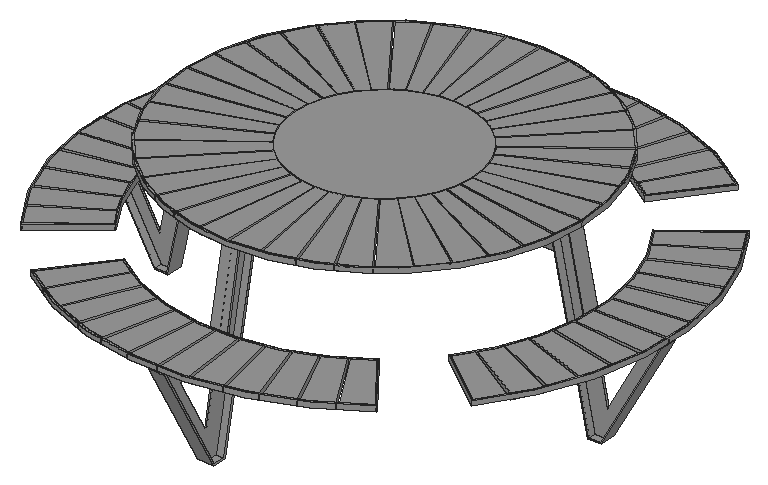
Revit family "Комплект мебели «Ландау» Арт 13994", category Антураж, Revit 2018 (continued)
Automatic sketch dimensions
  Extrusion 23 sketch curve to Extrusion 23 sketch curve = 202.844 mm
  Extrusion 23 sketch curve to Extrusion 23 sketch curve = 23.225 mm
  Extrusion 23 sketch curve to Extrusion 23 sketch curve = 18.773 mm
  Extrusion 25 sketch curve to Extrusion 25 sketch curve = 0 mm  (x7)
  Extrusion 25 sketch curve to Extrusion 25 sketch curve = 511.36 mm
  plane 3 "По центру (Влево/Вправо)" to Extrusion 25 sketch curve = 446.012 mm
  Extrusion 25 sketch curve to Extrusion 25 sketch curve = 666.417 mm
  Extrusion 25 sketch curve to plane 4 = 235.577 mm
  Extrusion 25 sketch curve to plane 6 = 446.012 mm
  Extrusion 25 sketch curve to Extrusion 25 sketch curve = 238.006 mm
  Extrusion 25 sketch curve to Extrusion 25 sketch curve = 7.017 mm
  Extrusion 25 sketch curve to Extrusion 25 sketch curve = 0.932 mm  (x4)
  Extrusion 25 sketch curve to Extrusion 25 sketch curve = 6.999 mm  (x2)
  level to Extrusion 24 sketch curve = 0 mm
  Extrusion 24 sketch curve to plane 4 = 0 mm
  Extrusion 24 sketch curve to plane 4 = 243.789 mm
  level to Extrusion 24 sketch curve = 5 mm
  Extrusion 24 sketch curve to Extrusion 24 sketch curve = 50.951 mm
  Extrusion 24 sketch curve to Extrusion 24 sketch curve = 4.049 mm
  Extrusion 24 sketch curve to plane 4 = 308.401 mm
  Extrusion 24 sketch curve to Extrusion 24 sketch curve = 5.112 mm  (x3)
  Extrusion 24 sketch curve to plane 5 = 20 mm  (x2)
  Extrusion 24 sketch curve to Extrusion 24 sketch curve = 58.655 mm
  Extrusion 24 sketch curve to Extrusion 24 sketch curve = 71.564 mm
  Extrusion 24 sketch curve to plane 4 = 5.748 mm
  Extrusion 24 sketch curve to Extrusion 24 sketch curve = 2.913 mm
  Extrusion 24 sketch curve to Extrusion 24 sketch curve = 0 mm
  Extrusion 24 sketch curve to Extrusion 24 sketch curve = 300 mm
  level to Extrusion 23 sketch curve = 115.472 mm
  Extrusion 23 sketch curve to Extrusion 23 sketch curve = 105.789 mm
  Extrusion 23 sketch curve to Extrusion 23 sketch curve = 85.214 mm
  Extrusion 23 sketch curve to plane 4 = 241.546 mm
  Extrusion 23 sketch curve to Extrusion 23 sketch curve = 5.156 mm
  Extrusion 26 sketch curve to Extrusion 26 sketch curve = 0 mm  (x46)
  plane 3 "По центру (Влево/Вправо)" to Extrusion 26 sketch curve = 453.029 mm
  Extrusion 26 sketch curve to plane 4 = 173.225 mm
  Extrusion 26 sketch curve to Extrusion 26 sketch curve = 92.352 mm
  Extrusion 26 sketch curve to plane 4 = 167.039 mm
  Extrusion 26 sketch curve to Extrusion 26 sketch curve = 10.177 mm
  Extrusion 26 sketch curve to Extrusion 26 sketch curve = 176.543 mm
  Extrusion 26 sketch curve to plane 4 = 114.194 mm
  Extrusion 26 sketch curve to Extrusion 26 sketch curve = 98.698 mm
  Extrusion 26 sketch curve to plane 4 = 109.153 mm
  Extrusion 26 sketch curve to Extrusion 26 sketch curve = 10.791 mm
  Extrusion 26 sketch curve to plane 4 = 419.574 mm
  Extrusion 26 sketch curve to Extrusion 26 sketch curve = 68.827 mm
  Extrusion 26 sketch curve to plane 4 = 414.98 mm
  Extrusion 26 sketch curve to Extrusion 26 sketch curve = 7.584 mm
  Extrusion 26 sketch curve to plane 4 = 67.377 mm
  Extrusion 26 sketch curve to Extrusion 26 sketch curve = 103.868 mm
  Extrusion 26 sketch curve to plane 4 = 375.748 mm
  Extrusion 26 sketch curve to plane 4 = 63.542 mm
  Extrusion 26 sketch curve to Extrusion 26 sketch curve = 11.276 mm
  Extrusion 26 sketch curve to plane 4 = 372.008 mm
  Extrusion 26 sketch curve to Extrusion 26 sketch curve = 8.039 mm
  Extrusion 26 sketch curve to plane 4 = 341.022 mm
  Extrusion 26 sketch curve to plane 4 = 338.18 mm
  Extrusion 26 sketch curve to Extrusion 26 sketch curve = 8.399 mm
  Extrusion 26 sketch curve to plane 4 = 33.331 mm
  Extrusion 26 sketch curve to plane 4 = 30.747 mm
  Extrusion 26 sketch curve to Extrusion 26 sketch curve = 11.626 mm
  Extrusion 26 sketch curve to plane 4 = 315.809 mm
  Extrusion 26 sketch curve to plane 4 = 313.899 mm
  Extrusion 26 sketch curve to Extrusion 26 sketch curve = 8.659 mm
  Extrusion 26 sketch curve to plane 4 = 12.461 mm
  Extrusion 26 sketch curve to plane 4 = 11.16 mm
  Extrusion 26 sketch curve to Extrusion 26 sketch curve = 11.839 mm  (x2)
  Extrusion 26 sketch curve to plane 4 = 300.41 mm
  Extrusion 26 sketch curve to plane 4 = 299.454 mm
  Extrusion 26 sketch curve to Extrusion 26 sketch curve = 8.815 mm
  Extrusion 26 sketch curve to plane 4 = 5.018 mm
  Extrusion 26 sketch curve to plane 4 = 295.007 mm
  Extrusion 26 sketch curve to plane 4 = 295.018 mm
  Extrusion 26 sketch curve to Extrusion 26 sketch curve = 8.867 mm
  Extrusion 26 sketch curve to plane 4 = 5.014 mm
  Extrusion 26 sketch curve to Extrusion 26 sketch curve = 11.91 mm
  Extrusion 26 sketch curve to plane 4 = 299.665 mm
  Extrusion 26 sketch curve to plane 4 = 300.642 mm
  Extrusion 26 sketch curve to Extrusion 26 sketch curve = 8.813 mm
  Extrusion 26 sketch curve to plane 4 = 11.087 mm
  Extrusion 26 sketch curve to plane 4 = 12.381 mm
  Extrusion 26 sketch curve to plane 4 = 314.329 mm
  Extrusion 26 sketch curve to plane 4 = 316.26 mm
  Extrusion 26 sketch curve to Extrusion 26 sketch curve = 8.654 mm
  Extrusion 26 sketch curve to plane 4 = 30.599 mm
  Extrusion 26 sketch curve to plane 4 = 33.175 mm
  Extrusion 26 sketch curve to Extrusion 26 sketch curve = 11.628 mm
  Extrusion 26 sketch curve to plane 4 = 338.824 mm
  Extrusion 26 sketch curve to plane 4 = 341.686 mm
  Extrusion 26 sketch curve to Extrusion 26 sketch curve = 8.392 mm
  Extrusion 26 sketch curve to plane 4 = 372.858 mm
  Extrusion 26 sketch curve to plane 4 = 63.32 mm
  Extrusion 26 sketch curve to plane 4 = 376.618 mm
  Extrusion 26 sketch curve to Extrusion 26 sketch curve = 8.03 mm
  Extrusion 26 sketch curve to plane 4 = 67.147 mm
  Extrusion 26 sketch curve to Extrusion 26 sketch curve = 11.278 mm
  Extrusion 26 sketch curve to plane 4 = 416.026 mm
  Extrusion 26 sketch curve to Extrusion 26 sketch curve = 7.573 mm
  Extrusion 26 sketch curve to plane 4 = 108.86 mm
  Extrusion 26 sketch curve to plane 4 = 113.894 mm
  Extrusion 26 sketch curve to Extrusion 26 sketch curve = 10.794 mm
  Extrusion 26 sketch curve to Extrusion 26 sketch curve = 67.095 mm
  Extrusion 26 sketch curve to plane 4 = 166.678 mm
  Extrusion 26 sketch curve to plane 4 = 172.858 mm
  Extrusion 26 sketch curve to Extrusion 26 sketch curve = 10.181 mm
  Extrusion 26 sketch curve to plane 4 = 236.509 mm
  Extrusion 26 sketch curve to Extrusion 26 sketch curve = 50.558 mm
  Extrusion 27 sketch curve to plane 5 = 54.881 mm
  Extrusion 27 sketch curve to plane 1 "По центру (Вперед/Назад)" = 1140 mm
  Extrusion 27 sketch curve to plane 5 = 117.156 mm
  Extrusion 27 sketch curve to plane 1 "По центру (Вперед/Назад)" = 428.193 mm
  Extrusion 27 sketch curve to plane 5 = 20 mm
  Extrusion 27 sketch curve to Extrusion 27 sketch curve = 50.913 mm
  Extrusion 27 sketch curve to Extrusion 27 sketch curve = 114.68 mm
  level to Extrusion 27 sketch curve = 5 mm
  Extrusion 27 sketch curve to plane 1 "По центру (Вперед/Назад)" = 294.74 mm
  Extrusion 27 sketch curve to Extrusion 27 sketch curve = 23.225 mm
  Extrusion 27 sketch curve to Extrusion 27 sketch curve = 48.038 mm
  level to Extrusion 27 sketch curve = 115.472 mm
  Extrusion 27 sketch curve to Extrusion 27 sketch curve = 5.156 mm
  Extrusion 27 sketch curve to plane 1 "По центру (Вперед/Назад)" = 111.537 mm
  Extrusion 27 sketch curve to plane 1 "По центру (Вперед/Назад)" = 5.748 mm
  Extrusion 27 sketch curve to Extrusion 27 sketch curve = 229.313 mm
  Extrusion 27 sketch curve to Extrusion 27 sketch curve = 85.214 mm
  Extrusion 28 sketch curve to level = 0 mm
  Extrusion 28 sketch curve to plane 1 "По центру (Вперед/Назад)" = 0 mm
  Extrusion 28 sketch curve to plane 1 "По центру (Вперед/Назад)" = 5.748 mm
  Extrusion 28 sketch curve to plane 1 "По центру (Вперед/Назад)" = 243.789 mm
  Extrusion 28 sketch curve to Extrusion 28 sketch curve = 2.913 mm
  level to Extrusion 28 sketch curve = 5 mm
  Extrusion 28 sketch curve to Extrusion 28 sketch curve = 48.038 mm
  Extrusion 28 sketch curve to Extrusion 28 sketch curve = 4.049 mm
  Extrusion 28 sketch curve to Extrusion 28 sketch curve = 302.654 mm
  Extrusion 28 sketch curve to Extrusion 28 sketch curve = 5.112 mm  (x3)
  Extrusion 28 sketch curve to plane 5 = 20 mm  (x2)
  Extrusion 28 sketch curve to Extrusion 28 sketch curve = 58.655 mm
  Extrusion 28 sketch curve to Extrusion 28 sketch curve = 71.564 mm
  Extrusion 28 sketch curve to plane 5 = 320 mm
  Extrusion 28 sketch curve to Extrusion 28 sketch curve = 300 mm
  Extrusion 29 sketch curve to Extrusion 29 sketch curve = 0 mm  (x12)
  Extrusion 29 sketch curve to plane 1 "По центру (Вперед/Назад)" = 235.577 mm  (x2)
  Extrusion 29 sketch curve to plane 6 = 446.012 mm
  Extrusion 29 sketch curve to Extrusion 29 sketch curve = 7.017 mm
  Extrusion 29 sketch curve to Extrusion 29 sketch curve = 175.611 mm
  Extrusion 29 sketch curve to Extrusion 29 sketch curve = 0.932 mm  (x3)
  Extrusion 29 sketch curve to Extrusion 29 sketch curve = 511.36 mm
  Extrusion 29 sketch curve to plane 1 "По центру (Вперед/Назад)" = 466.584 mm
  plane 3 "По центру (Влево/Вправо)" to Extrusion 29 sketch curve = 629.572 mm
  Extrusion 29 sketch curve to Extrusion 29 sketch curve = 176.543 mm
  Extrusion 29 sketch curve to Extrusion 29 sketch curve = 6.999 mm
  Extrusion 29 sketch curve to Extrusion 29 sketch curve = 666.417 mm
  Extrusion 30 sketch curve to Extrusion 30 sketch curve = 0 mm  (x552)
  Extrusion 30 sketch curve to plane 6 = 453.029 mm
  Extrusion 30 sketch curve to plane 1 "По центру (Вперед/Назад)" = 173.225 mm
  Extrusion 30 sketch curve to Extrusion 30 sketch curve = 92.352 mm
  Extrusion 30 sketch curve to plane 1 "По центру (Вперед/Назад)" = 167.039 mm
  Extrusion 30 sketch curve to Extrusion 30 sketch curve = 10.177 mm
  Extrusion 30 sketch curve to Extrusion 30 sketch curve = 176.543 mm
  Extrusion 30 sketch curve to plane 1 "По центру (Вперед/Назад)" = 114.194 mm
  Extrusion 30 sketch curve to Extrusion 30 sketch curve = 98.698 mm
  Extrusion 30 sketch curve to plane 1 "По центру (Вперед/Назад)" = 109.153 mm
  Extrusion 30 sketch curve to Extrusion 30 sketch curve = 10.791 mm
  Extrusion 30 sketch curve to plane 1 "По центру (Вперед/Назад)" = 419.574 mm
  Extrusion 30 sketch curve to Extrusion 30 sketch curve = 68.827 mm
  Extrusion 30 sketch curve to plane 1 "По центру (Вперед/Назад)" = 414.98 mm
  Extrusion 30 sketch curve to Extrusion 30 sketch curve = 7.584 mm
  Extrusion 30 sketch curve to plane 1 "По центру (Вперед/Назад)" = 67.377 mm
  Extrusion 30 sketch curve to Extrusion 30 sketch curve = 103.868 mm
  Extrusion 30 sketch curve to plane 1 "По центру (Вперед/Назад)" = 375.748 mm
  Extrusion 30 sketch curve to plane 1 "По центру (Вперед/Назад)" = 63.542 mm
  Extrusion 30 sketch curve to Extrusion 30 sketch curve = 11.276 mm
  Extrusion 30 sketch curve to plane 1 "По центру (Вперед/Назад)" = 372.008 mm
  Extrusion 30 sketch curve to Extrusion 30 sketch curve = 8.039 mm
  Extrusion 30 sketch curve to plane 1 "По центру (Вперед/Назад)" = 341.022 mm
  Extrusion 30 sketch curve to plane 1 "По центру (Вперед/Назад)" = 338.18 mm
  Extrusion 30 sketch curve to Extrusion 30 sketch curve = 8.399 mm
  Extrusion 30 sketch curve to plane 1 "По центру (Вперед/Назад)" = 33.331 mm
  Extrusion 30 sketch curve to plane 1 "По центру (Вперед/Назад)" = 30.747 mm
  Extrusion 30 sketch curve to Extrusion 30 sketch curve = 11.626 mm
  Extrusion 30 sketch curve to plane 1 "По центру (Вперед/Назад)" = 315.809 mm
  Extrusion 30 sketch curve to plane 1 "По центру (Вперед/Назад)" = 313.899 mm
  Extrusion 30 sketch curve to Extrusion 30 sketch curve = 8.659 mm
  Extrusion 30 sketch curve to plane 1 "По центру (Вперед/Назад)" = 12.461 mm
  Extrusion 30 sketch curve to plane 1 "По центру (Вперед/Назад)" = 11.16 mm
  Extrusion 30 sketch curve to Extrusion 30 sketch curve = 11.839 mm  (x2)
  Extrusion 30 sketch curve to plane 1 "По центру (Вперед/Назад)" = 300.41 mm
  Extrusion 30 sketch curve to plane 1 "По центру (Вперед/Назад)" = 299.454 mm
  Extrusion 30 sketch curve to Extrusion 30 sketch curve = 8.815 mm
  Extrusion 30 sketch curve to plane 1 "По центру (Вперед/Назад)" = 5.018 mm
  Extrusion 30 sketch curve to plane 1 "По центру (Вперед/Назад)" = 295.007 mm
  Extrusion 30 sketch curve to plane 1 "По центру (Вперед/Назад)" = 295.018 mm
  Extrusion 30 sketch curve to Extrusion 30 sketch curve = 8.867 mm
  Extrusion 30 sketch curve to plane 1 "По центру (Вперед/Назад)" = 5.014 mm
  Extrusion 30 sketch curve to Extrusion 30 sketch curve = 11.91 mm
  Extrusion 30 sketch curve to plane 1 "По центру (Вперед/Назад)" = 299.665 mm
  Extrusion 30 sketch curve to plane 1 "По центру (Вперед/Назад)" = 300.642 mm
  Extrusion 30 sketch curve to Extrusion 30 sketch curve = 8.813 mm
  Extrusion 30 sketch curve to plane 1 "По центру (Вперед/Назад)" = 11.087 mm
  Extrusion 30 sketch curve to plane 1 "По центру (Вперед/Назад)" = 12.381 mm
  Extrusion 30 sketch curve to plane 1 "По центру (Вперед/Назад)" = 314.329 mm
  Extrusion 30 sketch curve to plane 1 "По центру (Вперед/Назад)" = 316.26 mm
  Extrusion 30 sketch curve to Extrusion 30 sketch curve = 8.654 mm
  Extrusion 30 sketch curve to plane 1 "По центру (Вперед/Назад)" = 30.599 mm
  Extrusion 30 sketch curve to plane 1 "По центру (Вперед/Назад)" = 33.175 mm
  Extrusion 30 sketch curve to Extrusion 30 sketch curve = 11.628 mm
  Extrusion 30 sketch curve to plane 1 "По центру (Вперед/Назад)" = 338.824 mm
  Extrusion 30 sketch curve to plane 1 "По центру (Вперед/Назад)" = 341.686 mm
  Extrusion 30 sketch curve to Extrusion 30 sketch curve = 8.392 mm
  Extrusion 30 sketch curve to plane 1 "По центру (Вперед/Назад)" = 372.858 mm
  Extrusion 30 sketch curve to plane 1 "По центру (Вперед/Назад)" = 63.32 mm
  Extrusion 30 sketch curve to plane 1 "По центру (Вперед/Назад)" = 376.618 mm
  Extrusion 30 sketch curve to Extrusion 30 sketch curve = 8.03 mm
  Extrusion 30 sketch curve to plane 1 "По центру (Вперед/Назад)" = 67.147 mm
  Extrusion 30 sketch curve to Extrusion 30 sketch curve = 11.278 mm
  Extrusion 30 sketch curve to plane 1 "По центру (Вперед/Назад)" = 416.026 mm
  Extrusion 30 sketch curve to Extrusion 30 sketch curve = 7.573 mm
  Extrusion 30 sketch curve to plane 1 "По центру (Вперед/Назад)" = 108.86 mm
  Extrusion 30 sketch curve to plane 1 "По центру (Вперед/Назад)" = 113.894 mm
  Extrusion 30 sketch curve to Extrusion 30 sketch curve = 10.794 mm
  Extrusion 30 sketch curve to Extrusion 30 sketch curve = 67.095 mm
  Extrusion 30 sketch curve to plane 1 "По центру (Вперед/Назад)" = 166.678 mm
  Extrusion 30 sketch curve to plane 1 "По центру (Вперед/Назад)" = 172.858 mm
  Extrusion 30 sketch curve to Extrusion 30 sketch curve = 10.181 mm
  Extrusion 30 sketch curve to plane 1 "По центру (Вперед/Назад)" = 236.509 mm
  Extrusion 30 sketch curve to Extrusion 30 sketch curve = 50.558 mm
  Extrusion 31 sketch curve to plane 5 = 54.881 mm
  plane 3 "По центру (Влево/Вправо)" to Extrusion 31 sketch curve = 1140 mm
  Extrusion 31 sketch curve to plane 5 = 117.156 mm
  Extrusion 31 sketch curve to plane 6 = 428.193 mm
  Extrusion 31 sketch curve to plane 5 = 20 mm
  Extrusion 31 sketch curve to Extrusion 31 sketch curve = 50.913 mm
  Extrusion 31 sketch curve to Extrusion 31 sketch curve = 114.68 mm
  level to Extrusion 31 sketch curve = 5 mm
  Extrusion 31 sketch curve to plane 6 = 294.74 mm
  Extrusion 31 sketch curve to Extrusion 31 sketch curve = 23.225 mm
  Extrusion 31 sketch curve to Extrusion 31 sketch curve = 48.038 mm
  level to Extrusion 31 sketch curve = 115.472 mm
  Extrusion 31 sketch curve to Extrusion 31 sketch curve = 5.156 mm
  Extrusion 31 sketch curve to plane 6 = 111.537 mm
  Extrusion 31 sketch curve to plane 6 = 5.748 mm
  Extrusion 31 sketch curve to Extrusion 31 sketch curve = 229.313 mm
  Extrusion 31 sketch curve to Extrusion 31 sketch curve = 85.214 mm
  Extrusion 32 sketch curve to level = 0 mm
  Extrusion 32 sketch curve to plane 6 = 0 mm
  Extrusion 32 sketch curve to plane 6 = 5.748 mm
  Extrusion 32 sketch curve to plane 6 = 243.789 mm
  Extrusion 32 sketch curve to Extrusion 32 sketch curve = 2.913 mm
  level to Extrusion 32 sketch curve = 5 mm
  Extrusion 32 sketch curve to Extrusion 32 sketch curve = 48.038 mm
  Extrusion 32 sketch curve to Extrusion 32 sketch curve = 4.049 mm
  Extrusion 32 sketch curve to Extrusion 32 sketch curve = 302.654 mm
  Extrusion 32 sketch curve to Extrusion 32 sketch curve = 5.112 mm  (x3)
  Extrusion 32 sketch curve to plane 5 = 20 mm  (x2)
  Extrusion 32 sketch curve to Extrusion 32 sketch curve = 58.655 mm
  Extrusion 32 sketch curve to Extrusion 32 sketch curve = 71.564 mm
  Extrusion 32 sketch curve to plane 5 = 320 mm
  Extrusion 32 sketch curve to Extrusion 32 sketch curve = 300 mm
  Extrusion 33 sketch curve to Extrusion 33 sketch curve = 0 mm  (x12)
  Extrusion 33 sketch curve to plane 6 = 235.577 mm  (x2)
  Extrusion 33 sketch curve to plane 4 = 446.012 mm
  Extrusion 33 sketch curve to Extrusion 33 sketch curve = 7.017 mm
  Extrusion 33 sketch curve to Extrusion 33 sketch curve = 175.611 mm
  Extrusion 33 sketch curve to Extrusion 33 sketch curve = 0.932 mm  (x3)
  Extrusion 33 sketch curve to Extrusion 33 sketch curve = 511.36 mm
  Extrusion 33 sketch curve to plane 6 = 466.584 mm
  Extrusion 33 sketch curve to plane 1 "По центру (Вперед/Назад)" = 629.572 mm
  Extrusion 33 sketch curve to Extrusion 33 sketch curve = 176.543 mm
  Extrusion 33 sketch curve to Extrusion 33 sketch curve = 6.999 mm
  Extrusion 33 sketch curve to Extrusion 33 sketch curve = 666.417 mm
  Extrusion 34 sketch curve to Extrusion 34 sketch curve = 0 mm  (x552)
  Extrusion 34 sketch curve to plane 4 = 453.029 mm
  Extrusion 34 sketch curve to plane 6 = 173.225 mm
  Extrusion 34 sketch curve to Extrusion 34 sketch curve = 92.352 mm
  Extrusion 34 sketch curve to plane 6 = 167.039 mm
  Extrusion 34 sketch curve to Extrusion 34 sketch curve = 10.177 mm
  Extrusion 34 sketch curve to Extrusion 34 sketch curve = 176.543 mm
  Extrusion 34 sketch curve to plane 6 = 114.194 mm
  Extrusion 34 sketch curve to Extrusion 34 sketch curve = 98.698 mm
  Extrusion 34 sketch curve to plane 6 = 109.153 mm
  Extrusion 34 sketch curve to Extrusion 34 sketch curve = 10.791 mm
  Extrusion 34 sketch curve to plane 6 = 419.574 mm
  Extrusion 34 sketch curve to Extrusion 34 sketch curve = 68.827 mm
  Extrusion 34 sketch curve to plane 6 = 414.98 mm
  Extrusion 34 sketch curve to Extrusion 34 sketch curve = 7.584 mm
  Extrusion 34 sketch curve to plane 6 = 67.377 mm
  Extrusion 34 sketch curve to Extrusion 34 sketch curve = 103.868 mm
  Extrusion 34 sketch curve to plane 6 = 375.748 mm
  Extrusion 34 sketch curve to plane 6 = 63.542 mm
  Extrusion 34 sketch curve to Extrusion 34 sketch curve = 11.276 mm
  Extrusion 34 sketch curve to plane 6 = 372.008 mm
  Extrusion 34 sketch curve to Extrusion 34 sketch curve = 8.039 mm
  Extrusion 34 sketch curve to plane 6 = 341.022 mm
  Extrusion 34 sketch curve to plane 6 = 338.18 mm
  Extrusion 34 sketch curve to Extrusion 34 sketch curve = 8.399 mm
  Extrusion 34 sketch curve to plane 6 = 33.331 mm
  Extrusion 34 sketch curve to plane 6 = 30.747 mm
  Extrusion 34 sketch curve to Extrusion 34 sketch curve = 11.626 mm
  Extrusion 34 sketch curve to plane 6 = 315.809 mm
  Extrusion 34 sketch curve to plane 6 = 313.899 mm
  Extrusion 34 sketch curve to Extrusion 34 sketch curve = 8.659 mm
  Extrusion 34 sketch curve to plane 6 = 12.461 mm
  Extrusion 34 sketch curve to plane 6 = 11.16 mm
  Extrusion 34 sketch curve to Extrusion 34 sketch curve = 11.839 mm  (x2)
  Extrusion 34 sketch curve to plane 6 = 300.41 mm
  Extrusion 34 sketch curve to plane 6 = 299.454 mm
  Extrusion 34 sketch curve to Extrusion 34 sketch curve = 8.815 mm
  Extrusion 34 sketch curve to plane 6 = 5.018 mm
  Extrusion 34 sketch curve to plane 6 = 295.007 mm
  Extrusion 34 sketch curve to plane 6 = 295.018 mm
  Extrusion 34 sketch curve to Extrusion 34 sketch curve = 8.867 mm
  Extrusion 34 sketch curve to plane 6 = 5.014 mm
  Extrusion 34 sketch curve to Extrusion 34 sketch curve = 11.91 mm
  Extrusion 34 sketch curve to plane 6 = 299.665 mm
  Extrusion 34 sketch curve to plane 6 = 300.642 mm
  Extrusion 34 sketch curve to Extrusion 34 sketch curve = 8.813 mm
  Extrusion 34 sketch curve to plane 6 = 11.087 mm
  Extrusion 34 sketch curve to plane 6 = 12.381 mm
  Extrusion 34 sketch curve to plane 6 = 314.329 mm
  Extrusion 34 sketch curve to plane 6 = 316.26 mm
  Extrusion 34 sketch curve to Extrusion 34 sketch curve = 8.654 mm
  Extrusion 34 sketch curve to plane 6 = 30.599 mm
  Extrusion 34 sketch curve to plane 6 = 33.175 mm
  Extrusion 34 sketch curve to Extrusion 34 sketch curve = 11.628 mm
  Extrusion 34 sketch curve to plane 6 = 338.824 mm
  Extrusion 34 sketch curve to plane 6 = 341.686 mm
  Extrusion 34 sketch curve to Extrusion 34 sketch curve = 8.392 mm
  Extrusion 34 sketch curve to plane 6 = 372.858 mm
  Extrusion 34 sketch curve to plane 6 = 63.32 mm
  Extrusion 34 sketch curve to plane 6 = 376.618 mm
  Extrusion 34 sketch curve to Extrusion 34 sketch curve = 8.03 mm
  Extrusion 34 sketch curve to plane 6 = 67.147 mm
  Extrusion 34 sketch curve to Extrusion 34 sketch curve = 11.278 mm
  Extrusion 34 sketch curve to plane 6 = 416.026 mm
  Extrusion 34 sketch curve to Extrusion 34 sketch curve = 7.573 mm
  Extrusion 34 sketch curve to plane 6 = 108.86 mm
  Extrusion 34 sketch curve to plane 6 = 113.894 mm
  Extrusion 34 sketch curve to Extrusion 34 sketch curve = 10.794 mm
  Extrusion 34 sketch curve to Extrusion 34 sketch curve = 67.095 mm
  Extrusion 34 sketch curve to plane 6 = 166.678 mm
  Extrusion 34 sketch curve to plane 6 = 172.858 mm
  Extrusion 34 sketch curve to Extrusion 34 sketch curve = 10.181 mm
  Extrusion 34 sketch curve to plane 6 = 236.509 mm
  Extrusion 34 sketch curve to Extrusion 34 sketch curve = 50.558 mm
  Extrusion 35 sketch curve to plane 5 = 54.881 mm
  plane 3 "По центру (Влево/Вправо)" to Extrusion 35 sketch curve = 1140 mm
  Extrusion 35 sketch curve to plane 5 = 117.156 mm
  plane 3 "По центру (Влево/Вправо)" to Extrusion 35 sketch curve = 428.193 mm
  Extrusion 35 sketch curve to plane 5 = 20 mm
  Extrusion 35 sketch curve to Extrusion 35 sketch curve = 50.913 mm
  Extrusion 35 sketch curve to Extrusion 35 sketch curve = 114.68 mm
  level to Extrusion 35 sketch curve = 5 mm
  plane 3 "По центру (Влево/Вправо)" to Extrusion 35 sketch curve = 294.74 mm
  Extrusion 35 sketch curve to Extrusion 35 sketch curve = 23.225 mm
  Extrusion 35 sketch curve to Extrusion 35 sketch curve = 48.038 mm
  level to Extrusion 35 sketch curve = 115.472 mm
  Extrusion 35 sketch curve to Extrusion 35 sketch curve = 5.156 mm
  plane 3 "По центру (Влево/Вправо)" to Extrusion 35 sketch curve = 111.537 mm
  plane 3 "По центру (Влево/Вправо)" to Extrusion 35 sketch curve = 5.748 mm
  Extrusion 35 sketch curve to Extrusion 35 sketch curve = 229.313 mm
  Extrusion 35 sketch curve to Extrusion 35 sketch curve = 85.214 mm
  Extrusion 36 sketch curve to level = 0 mm
  Extrusion 36 sketch curve to plane 3 "По центру (Влево/Вправо)" = 0 mm
  plane 3 "По центру (Влево/Вправо)" to Extrusion 36 sketch curve = 5.748 mm
  plane 3 "По центру (Влево/Вправо)" to Extrusion 36 sketch curve = 243.789 mm
  Extrusion 36 sketch curve to Extrusion 36 sketch curve = 2.913 mm
  level to Extrusion 36 sketch curve = 5 mm
  Extrusion 36 sketch curve to Extrusion 36 sketch curve = 48.038 mm
  Extrusion 36 sketch curve to Extrusion 36 sketch curve = 4.049 mm
  Extrusion 36 sketch curve to Extrusion 36 sketch curve = 302.654 mm
  Extrusion 36 sketch curve to Extrusion 36 sketch curve = 5.112 mm  (x3)
  Extrusion 36 sketch curve to plane 5 = 20 mm  (x2)
  Extrusion 36 sketch curve to Extrusion 36 sketch curve = 58.655 mm
  Extrusion 36 sketch curve to Extrusion 36 sketch curve = 71.564 mm
  Extrusion 36 sketch curve to plane 5 = 320 mm
  Extrusion 36 sketch curve to Extrusion 36 sketch curve = 300 mm
  Extrusion 37 sketch curve to Extrusion 37 sketch curve = 0 mm  (x12)
  plane 3 "По центру (Влево/Вправо)" to Extrusion 37 sketch curve = 235.577 mm  (x2)
  Extrusion 37 sketch curve to plane 1 "По центру (Вперед/Назад)" = 446.012 mm
  Extrusion 37 sketch curve to Extrusion 37 sketch curve = 7.017 mm
  Extrusion 37 sketch curve to Extrusion 37 sketch curve = 175.611 mm
  Extrusion 37 sketch curve to Extrusion 37 sketch curve = 0.932 mm  (x3)
  Extrusion 37 sketch curve to Extrusion 37 sketch curve = 511.36 mm
  plane 3 "По центру (Влево/Вправо)" to Extrusion 37 sketch curve = 466.584 mm
  Extrusion 37 sketch curve to plane 4 = 629.572 mm
  Extrusion 37 sketch curve to Extrusion 37 sketch curve = 176.543 mm
  Extrusion 37 sketch curve to Extrusion 37 sketch curve = 6.999 mm
  Extrusion 37 sketch curve to Extrusion 37 sketch curve = 666.417 mm
  Extrusion 38 sketch curve to Extrusion 38 sketch curve = 0 mm  (x552)
  Extrusion 38 sketch curve to plane 1 "По центру (Вперед/Назад)" = 453.029 mm
  plane 3 "По центру (Влево/Вправо)" to Extrusion 38 sketch curve = 173.225 mm
  Extrusion 38 sketch curve to Extrusion 38 sketch curve = 92.352 mm
  plane 3 "По центру (Влево/Вправо)" to Extrusion 38 sketch curve = 167.039 mm
  Extrusion 38 sketch curve to Extrusion 38 sketch curve = 10.177 mm
  Extrusion 38 sketch curve to Extrusion 38 sketch curve = 176.543 mm
  plane 3 "По центру (Влево/Вправо)" to Extrusion 38 sketch curve = 114.194 mm
  Extrusion 38 sketch curve to Extrusion 38 sketch curve = 98.698 mm
  plane 3 "По центру (Влево/Вправо)" to Extrusion 38 sketch curve = 109.153 mm
  Extrusion 38 sketch curve to Extrusion 38 sketch curve = 10.791 mm
  plane 3 "По центру (Влево/Вправо)" to Extrusion 38 sketch curve = 419.574 mm
  Extrusion 38 sketch curve to Extrusion 38 sketch curve = 68.827 mm
  plane 3 "По центру (Влево/Вправо)" to Extrusion 38 sketch curve = 414.98 mm
  Extrusion 38 sketch curve to Extrusion 38 sketch curve = 7.584 mm
  plane 3 "По центру (Влево/Вправо)" to Extrusion 38 sketch curve = 67.377 mm
  Extrusion 38 sketch curve to Extrusion 38 sketch curve = 103.868 mm
  plane 3 "По центру (Влево/Вправо)" to Extrusion 38 sketch curve = 375.748 mm
  plane 3 "По центру (Влево/Вправо)" to Extrusion 38 sketch curve = 63.542 mm
  Extrusion 38 sketch curve to Extrusion 38 sketch curve = 11.276 mm
  plane 3 "По центру (Влево/Вправо)" to Extrusion 38 sketch curve = 372.008 mm
  Extrusion 38 sketch curve to Extrusion 38 sketch curve = 8.039 mm
  plane 3 "По центру (Влево/Вправо)" to Extrusion 38 sketch curve = 341.022 mm
  plane 3 "По центру (Влево/Вправо)" to Extrusion 38 sketch curve = 338.18 mm
  Extrusion 38 sketch curve to Extrusion 38 sketch curve = 8.399 mm
  plane 3 "По центру (Влево/Вправо)" to Extrusion 38 sketch curve = 33.331 mm
  plane 3 "По центру (Влево/Вправо)" to Extrusion 38 sketch curve = 30.747 mm
  Extrusion 38 sketch curve to Extrusion 38 sketch curve = 11.626 mm
  plane 3 "По центру (Влево/Вправо)" to Extrusion 38 sketch curve = 315.809 mm
  plane 3 "По центру (Влево/Вправо)" to Extrusion 38 sketch curve = 313.899 mm
  Extrusion 38 sketch curve to Extrusion 38 sketch curve = 8.659 mm
  plane 3 "По центру (Влево/Вправо)" to Extrusion 38 sketch curve = 12.461 mm
  plane 3 "По центру (Влево/Вправо)" to Extrusion 38 sketch curve = 11.16 mm
  Extrusion 38 sketch curve to Extrusion 38 sketch curve = 11.839 mm  (x2)
  plane 3 "По центру (Влево/Вправо)" to Extrusion 38 sketch curve = 300.41 mm
  plane 3 "По центру (Влево/Вправо)" to Extrusion 38 sketch curve = 299.454 mm
  Extrusion 38 sketch curve to Extrusion 38 sketch curve = 8.815 mm
  plane 3 "По центру (Влево/Вправо)" to Extrusion 38 sketch curve = 5.018 mm
  plane 3 "По центру (Влево/Вправо)" to Extrusion 38 sketch curve = 295.007 mm
  plane 3 "По центру (Влево/Вправо)" to Extrusion 38 sketch curve = 295.018 mm
  Extrusion 38 sketch curve to Extrusion 38 sketch curve = 8.867 mm
  plane 3 "По центру (Влево/Вправо)" to Extrusion 38 sketch curve = 5.014 mm
  Extrusion 38 sketch curve to Extrusion 38 sketch curve = 11.91 mm
  plane 3 "По центру (Влево/Вправо)" to Extrusion 38 sketch curve = 299.665 mm
  plane 3 "По центру (Влево/Вправо)" to Extrusion 38 sketch curve = 300.642 mm
  Extrusion 38 sketch curve to Extrusion 38 sketch curve = 8.813 mm
  plane 3 "По центру (Влево/Вправо)" to Extrusion 38 sketch curve = 11.087 mm
  plane 3 "По центру (Влево/Вправо)" to Extrusion 38 sketch curve = 12.381 mm
  plane 3 "По центру (Влево/Вправо)" to Extrusion 38 sketch curve = 314.329 mm
  plane 3 "По центру (Влево/Вправо)" to Extrusion 38 sketch curve = 316.26 mm
  Extrusion 38 sketch curve to Extrusion 38 sketch curve = 8.654 mm
  plane 3 "По центру (Влево/Вправо)" to Extrusion 38 sketch curve = 30.599 mm
  plane 3 "По центру (Влево/Вправо)" to Extrusion 38 sketch curve = 33.175 mm
  Extrusion 38 sketch curve to Extrusion 38 sketch curve = 11.628 mm
  plane 3 "По центру (Влево/Вправо)" to Extrusion 38 sketch curve = 338.824 mm
  plane 3 "По центру (Влево/Вправо)" to Extrusion 38 sketch curve = 341.686 mm
  Extrusion 38 sketch curve to Extrusion 38 sketch curve = 8.392 mm
  plane 3 "По центру (Влево/Вправо)" to Extrusion 38 sketch curve = 372.858 mm
  plane 3 "По центру (Влево/Вправо)" to Extrusion 38 sketch curve = 63.32 mm
  plane 3 "По центру (Влево/Вправо)" to Extrusion 38 sketch curve = 376.618 mm
  Extrusion 38 sketch curve to Extrusion 38 sketch curve = 8.03 mm
  plane 3 "По центру (Влево/Вправо)" to Extrusion 38 sketch curve = 67.147 mm
  Extrusion 38 sketch curve to Extrusion 38 sketch curve = 11.278 mm
  plane 3 "По центру (Влево/Вправо)" to Extrusion 38 sketch curve = 416.026 mm
  Extrusion 38 sketch curve to Extrusion 38 sketch curve = 7.573 mm
  plane 3 "По центру (Влево/Вправо)" to Extrusion 38 sketch curve = 108.86 mm
  plane 3 "По центру (Влево/Вправо)" to Extrusion 38 sketch curve = 113.894 mm
  Extrusion 38 sketch curve to Extrusion 38 sketch curve = 10.794 mm
  Extrusion 38 sketch curve to Extrusion 38 sketch curve = 67.095 mm
  plane 3 "По центру (Влево/Вправо)" to Extrusion 38 sketch curve = 166.678 mm
  plane 3 "По центру (Влево/Вправо)" to Extrusion 38 sketch curve = 172.858 mm
  Extrusion 38 sketch curve to Extrusion 38 sketch curve = 10.181 mm
  plane 3 "По центру (Влево/Вправо)" to Extrusion 38 sketch curve = 236.509 mm
  Extrusion 38 sketch curve to Extrusion 38 sketch curve = 50.558 mm
  radius of Extrusion 1 sketch curve = 792.5 mm
  radius of Extrusion 1 sketch curve = 787.5 mm
  radius of Extrusion 1 sketch curve = 350 mm
